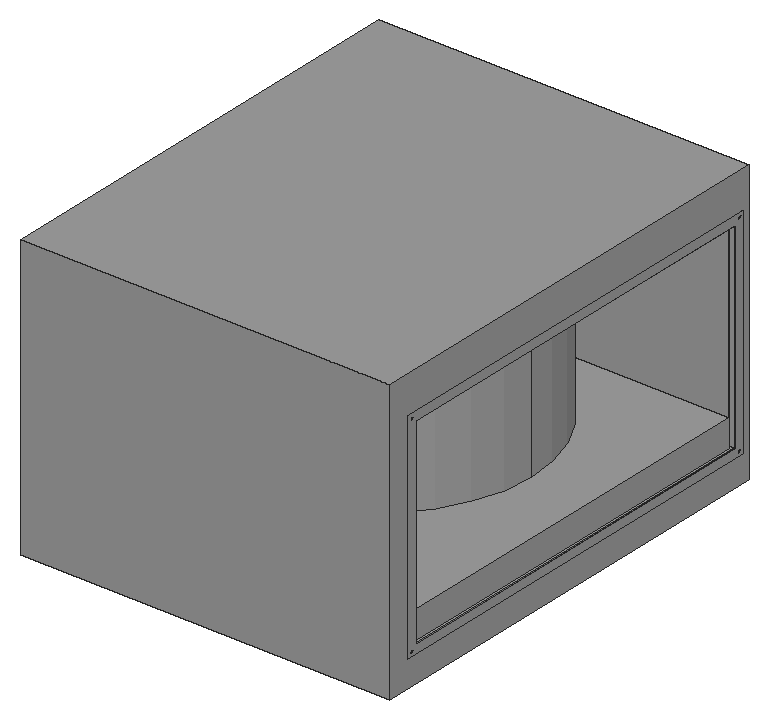
Revit family "BIMLIB_КанальныйВентилятор_IRF-VIM_IRF-B-VIM_IRF-B-EC_SHUFT", category Оборудование, Revit 2017 (continued)
Types (38, lengths in mm): name | Описание | Высота коннекторов | r1 | r | d | W3 | W2 | W1 | W | Модификация S | Тип | L1 | L | H2 | H1 | H3 | H | ADSK_Частота вращения двигателя | ADSK_Ток | ADSK_Размер_Ширина | ADSK_Размер_Длина | ADSK_Размер_Высота | ADSK_Полная мощность | ADSK_Номинальная мощность | ADSK_Напряжение | ADSK_Наименование | ADSK_Масса | ADSK_Марка | ADSK_Количество фаз | ADSK_Код изделия | ADSK_URL страницы изделия | 400B | 230B
  IRFD-B EC 900x500 | "Корпус вентиляторов серии RFE-B EC изготовлен из оцинкованной стали. Вентиляторы оборудованы высокоэффективной крыльчаткой с вперед загнутыми лопатками и асинхронным двигателем с внешним ротором IP54, клеммная коробка IP55. Рабочее колесо установлено методом напрессовки непосредственно на ротор электродвигателя. Электродвигатель с рабочим колесом статически и динамически сбалансированы в двух плоскостях. Шариковые подшипники двигателя не требуют техобслуживания. Защита двигателя вентилятора осуществляется встроенными термоконтактами, требующими подключения внешнего защитного термореле. В случае применения пятиступенчатых регуляторов скорости TRE-T и TRD-T дополнительное защитное термореле не нужно. Регулирование скорости вентилятора осуществляется путем изменения напряжения за счет использования пятиступенчатых трансформаторов TRE-T, TRD-T или однофазных плавных регуляторов скорости SRE." | 250 | 370 | 5 | 10 | 1020 | 944 | 922 | 900 | no | 33 | 870 | 842 | 544 | 522 | 682 | 500 | 1800 | 2.9 A | 900 | 842 | 500 | 1.8 kW | 1.8 kW | 400 V | "Канальный вентилятор IRFD-B EC 900x500" | 124 | "IRFD-B EC 900x500" | 3 | "IRFD-B EC 900x500" | "http://www.shuft.ru/catalog/1/200/3000/101670/" | yes | no
  IRFD-B EC 900x500-S | "Корпус вентиляторов серии RFE-B EC изготовлен из оцинкованной стали. Вентиляторы оборудованы высокоэффективной крыльчаткой с вперед загнутыми лопатками и асинхронным двигателем с внешним ротором IP54, клеммная коробка IP55. Рабочее колесо установлено методом напрессовки непосредственно на ротор электродвигателя. Электродвигатель с рабочим колесом статически и динамически сбалансированы в двух плоскостях. Шариковые подшипники двигателя не требуют техобслуживания. Защита двигателя вентилятора осуществляется встроенными термоконтактами, требующими подключения внешнего защитного термореле. В случае применения пятиступенчатых регуляторов скорости TRE-T и TRD-T дополнительное защитное термореле не нужно. Регулирование скорости вентилятора осуществляется путем изменения напряжения за счет использования пятиступенчатых трансформаторов TRE-T, TRD-T или однофазных плавных регуляторов скорости SRE." | 250 | 370 | 5 | 10 | 1020 | 944 | 922 | 900 | yes | 34 | 925 | 888 | 544 | 522 | 705 | 500 | 1860 | 5.8 A | 900 | 888 | 500 | 3.6 kW | 3.6 kW | 400 V | "Канальный вентилятор IRFD-B EC 900x500-S" | 146 | "IRFD-B EC 900x500-S" | 3 | "IRFD-B EC 900x500-S" | "http://www.shuft.ru/catalog/1/200/3000/101670/" | yes | no
  IRFD-B EC 1000x500 | "Корпус вентиляторов серии RFE-B EC изготовлен из оцинкованной стали. Вентиляторы оборудованы высокоэффективной крыльчаткой с вперед загнутыми лопатками и асинхронным двигателем с внешним ротором IP54, клеммная коробка IP55. Рабочее колесо установлено методом напрессовки непосредственно на ротор электродвигателя. Электродвигатель с рабочим колесом статически и динамически сбалансированы в двух плоскостях. Шариковые подшипники двигателя не требуют техобслуживания. Защита двигателя вентилятора осуществляется встроенными термоконтактами, требующими подключения внешнего защитного термореле. В случае применения пятиступенчатых регуляторов скорости TRE-T и TRD-T дополнительное защитное термореле не нужно. Регулирование скорости вентилятора осуществляется путем изменения напряжения за счет использования пятиступенчатых трансформаторов TRE-T, TRD-T или однофазных плавных регуляторов скорости SRE." | 250 | 390 | 5 | 10 | 1120 | 1044 | 1022 | 1000 | no | 35 | 955 | 922 | 544 | 522 | 705 | 500 | 1550 | 5.6 A | 1000 | 922 | 500 | 3.5 kW | 3.5 kW | 400 V | "Канальный вентилятор IRFD-B EC 1000x500" | 163 | "IRFD-B EC 1000x500" | 3 | "IRFD-B EC 1000x500" | "http://www.shuft.ru/catalog/1/200/3000/101670/" | yes | no
  IRFD-B 800x500-4S VIM | "Корпус вентиляторов серии RF-B VIM изготовлен из оцинкованной стали. Вентиляторы оборудованы высокоэффективной крыльчаткой с вперед загнутыми лопатками и асинхронным двигателем с внешним ротором IP54, клеммная коробка IP55. Рабочее колесо установлено методом напрессовки непосредственно на ротор электродвигателя. Электродвигатель с рабочим колесом статически и динамически сбалансированы в двух плоскостях. Шариковые подшипники двигателя не требуют техобслуживания. Защита двигателя вентилятора осуществляется встроенными термоконтактами, требующими подключения внешнего защитного термореле. В случае применения пятиступенчатых регуляторов скорости TRE-T и TRD-T дополнительное защитное термореле не нужно. Регулирование скорости вентилятора осуществляется путем изменения напряжения за счет использования пятиступенчатых трансформаторов TRE-T, TRD-T или однофазных плавных регуляторов скорости SRE." | 250 | 315 | 5 | 10 | 920 | 842 | 822 | 800 | yes | 36 | 890 | 860 | 542 | 522 | 715 | 500 | 1330 | 4.2 A | 800 | 860 | 500 | 2.3 kW | 2.3 kW | 400 V | "Канальный вентилятор IRFD-B 800x500-4S VIM" | 140 | "IRFD-B 800x500-4S VIM" | 3 | "IRFD-B 800x500-4S VIM" | "http://www.shuft.ru/catalog/1/200/3000/4009/" | yes | no
  IRFD-B 1000x500-4S VIM | "Корпус вентиляторов серии RF-B VIM изготовлен из оцинкованной стали. Вентиляторы оборудованы высокоэффективной крыльчаткой с вперед загнутыми лопатками и асинхронным двигателем с внешним ротором IP54, клеммная коробка IP55. Рабочее колесо установлено методом напрессовки непосредственно на ротор электродвигателя. Электродвигатель с рабочим колесом статически и динамически сбалансированы в двух плоскостях. Шариковые подшипники двигателя не требуют техобслуживания. Защита двигателя вентилятора осуществляется встроенными термоконтактами, требующими подключения внешнего защитного термореле. В случае применения пятиступенчатых регуляторов скорости TRE-T и TRD-T дополнительное защитное термореле не нужно. Регулирование скорости вентилятора осуществляется путем изменения напряжения за счет использования пятиступенчатых трансформаторов TRE-T, TRD-T или однофазных плавных регуляторов скорости SRE." | 250 | 390 | 5 | 10 | 1120 | 1042 | 1022 | 1000 | yes | 37 | 1055 | 1025 | 542 | 522 | 755 | 500 | 1380 | 6.8 A | 1000 | 1025 | 500 | 4.1 kW | 4.1 kW | 400 V | "Канальный вентилятор IRFD-B 1000x500-4S VIM" | 200 | "IRFD-B 1000x500-4S VIM" | 3 | "IRFD-B 1000x500-4S VIM" | "http://www.shuft.ru/catalog/1/200/3000/4009/" | yes | no
  IRFD 1000x500-4M VIM | "Корпус вентиляторов серии IRF VIM изготовлен из оцинкованной стали с 50-мм слоем звукотеплоизоляции из базальтовой минеральной ваты.Вентиляторы оборудованы высокоэффективной крыльчаткой с вперед загнутыми лопатками (IRF-B - с назад загнутыми лопатками) и асинхронным двигателем с внешним ротором IP54 (IRF 400х200, IRF-B 500х250 - IP44), клеммная коробка IP55. Рабочее колесо установлено методом напрессовки непосредственно на ротор электродвигателя. Электродвигатель с рабочим колесом статически и динамически сбалансированы в двух плоскостях. Шариковые подшипники двигателя не требуют техобслуживания.Зашита двигателя вентилятора осуществляется термореле или термоконтактами, требующими подключения внешнего защитного термореле. В случае применения пятиступенчатых регуляторов скорости TRE-T, TRD-T дополнительное защитное термореле не нужно. Регулирование скорости вентилятора осуществляется путем изменения напряжения за счет использования пятиступенчатых трансформаторов TR или однофазных плавных регуляторов скорости SRE." | 250 | 390 | 5 | 10 | 1120 | 1042 | 1022 | 1000 | no | 16 | 985 | 955 | 542 | 522 | 653 | 500 | 1400 | 8 A | 1000 | 955 | 500 | 4.8 kW | 4.8 kW | 400 V | "Канальный вентилятор IRFD 1000x500-4M VIM" | 60 | "IRFD 1000x500-4M VIM" | 3 | "IRFD 1000x500-4M VIM" | "http://www.shuft.ru/catalog/1/200/3000/4012/" | yes | no
  IRFD 600x350-6 VIM | "Корпус вентиляторов серии IRF VIM изготовлен из оцинкованной стали с 50-мм слоем звукотеплоизоляции из базальтовой минеральной ваты.Вентиляторы оборудованы высокоэффективной крыльчаткой с вперед загнутыми лопатками (IRF-B - с назад загнутыми лопатками) и асинхронным двигателем с внешним ротором IP54 (IRF 400х200, IRF-B 500х250 - IP44), клеммная коробка IP55. Рабочее колесо установлено методом напрессовки непосредственно на ротор электродвигателя. Электродвигатель с рабочим колесом статически и динамически сбалансированы в двух плоскостях. Шариковые подшипники двигателя не требуют техобслуживания.Зашита двигателя вентилятора осуществляется термореле или термоконтактами, требующими подключения внешнего защитного термореле. В случае применения пятиступенчатых регуляторов скорости TRE-T, TRD-T дополнительное защитное термореле не нужно. Регулирование скорости вентилятора осуществляется путем изменения напряжения за счет использования пятиступенчатых трансформаторов TR или однофазных плавных регуляторов скорости SRE." | 175 | 215 | 5 | 10 | 720 | 642 | 622 | 600 | no | 11 | 705 | 685 | 392 | 372 | 505 | 350 | 1360 | 4 A | 600 | 685 | 350 | 2.2 kW | 2.2 kW | 400 V | "Канальный вентилятор IRFD 600x350-4 VIM" | 31 | "IRFD 600x350-6 VIM" | 3 | "IRFD 600x350-6 VIM" | "http://www.shuft.ru/catalog/1/200/3000/4012/" | yes | no
